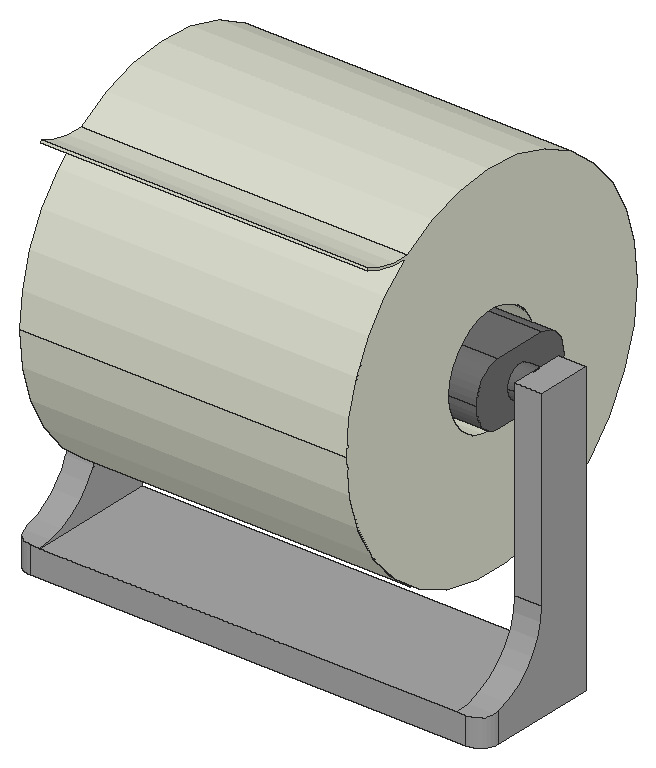
Revit family "Toilet_Tissue_Dispenser-Bradley_Corp-5071", category Specialty Equipment, host Face, Revit 2012
Parameters (values of type "5071-50")
  Width = 6 1/2"
  Warranty Information = "Complete Unit 1 Year Warranty. This Warranty does not cover installation or any other labor charges and does not apply to any units which have been damaged by abuse, improper installation, imporper maintanence, or altered in any way."
  Version = "2.0"
  URL = "http://www.bradleycorp.com/"
  Type Comments = "Non-Controlled Delivery"
  Spindle Material = Plastic - Bradley Corp - Polystyrene - Gray
  Specifications URL = "http://www.bradleycorp.com/3partspec"
  Product Tech Data URL - Spanish = ""
  Product Tech Data URL - French = ""
  Product Tech Data URL - English = "http://bradleycorp.com/download/294/8440.pdf"
  Percentage of Recycled Content = 0
  Paper Product Visibility [instance] = yes
  OmniClass Table 23 Title = "Toilet Paper Dispensers"
  OmniClass Table 23 Number = "23.31.25.21"
  OmniClass Table 21 Title = "Toilet, Bath, and Laundry Accessories"
  OmniClass Table 21 Number = "21-03 10 90 40"
  NCD Visibility [instance] = yes
  NCD Paper Visibility [instance] = and(Paper Product Visibility, NCD Visibility)  # yes
  Modeling Code = ""
  Model = "5071-50"
  MasterFormat Title = "Toilet, Bath, and Laundry Accessories"
  MasterFormat Number = "10 28 00"
  Manufacturer = "Bradley Corporation"
  Low Emitting Material = yes
  LEED Credit = ""
  Industry Standards = "n/a"
  Height = 1 3/4"
  Fire Rating = "n/a"
  Description = "Toilet Tissue Dispenser"
  Depth = 4"
  Default Elevation = 48"
  Copyright = "This Model Data is Property of Bradley Corporation"
  Unit Material = Metal - Bradley Corp - Aluminum
  Complies to NAFTA = ""
  CD Visibility [instance] = no
  CD Paper Visibility [instance] = and(Paper Product Visibility, CD Visibility)  # no
  Buy American Act = "No"
  Assembly Code = "C1030200"
  ADA Compliant = "No"
Types (3): name | Type Comments | NCD Visibility | NCD Paper Visibility | Model | Low Emitting Material | Complies to NAFTA | CD Visibility | CD Paper Visibility | Buy American Act
  (no name) | "Non-Controlled Delivery" | yes | yes | "5071-50" | yes | "" | no | no | "No"
  5071 | "Controlled Delivery" | no | no | "5071" | no | "n/a" | yes | yes | "To Be Determined"
  5071-50 | "Non-Controlled Delivery" | yes | yes | "5071-50" | yes | "" | no | no | "No"
Reference planes (in)
  plane 1 "Center (Front/Back)": y = 0
  plane 2: z = 0
  plane 3 "Center (Left/Right)": x = 0
  plane 4 "Top": y = 0.875
  plane 5 "Right": x = 3.25
  plane 6 "Bottom": y = -0.875
  plane 7 "Left": x = -3.25
  plane 8 "Front": z = 4
Forms (in)
  Extrusion 1, solid, material "Paper - Bradley Corp- White", visible <- "CD Paper Visibility", detail levels fine
    sketch origin (0, 0.5, 1.1875) x (0, 1, 0) y (0, 0, 1)
      loop
        circle (0, 2.8125) r 2.5
      loop
        circle (0, 2.8125) r 0.75
    from -2.25 to 2.25
  Extrusion 2, solid, material "Paper - Bradley Corp- White", visible <- "CD Paper Visibility", detail levels fine
    sketch origin (0, 0.5, 1.1875) x (0, 1, 0) y (0, 0, 1)
      loop
        arc (-0.875, 4.99488) -> (-1.5, 4.85487) -> (-2.125, 4.99488) r 1.46508
        line (-2.125, 4.99488) -> (-2.13833, 4.96661)
        arc (-2.13833, 4.96661) -> (-1.4944, 4.82364) -> (-0.85155, 4.97143) r 1.49633
        line (-0.85155, 4.97143) -> (-0.875, 4.99488)
    from -2.25 to 2.25
  Extrusion 3, solid, material "Paper - Bradley Corp- White", visible <- "CD Paper Visibility", detail levels medium
    sketch origin (0, 0.5, 1.1875) x (0, 1, 0) y (0, 0, 1)
      loop
        circle (0, 2.8125) r 2.5
    from -2.25 to 2.25
  Extrusion 4, solid, material "Metal - Bradley Corp - Aluminum" <- "Unit Material", detail levels fine
    sketch origin (0, 0, 0) x (1, 0, 0) y (0, 0, 1)
      loop
        line (-3.25, 4) -> (-3.25, 0) -> (3.25, 0) -> (3.25, 4) -> (2.875, 4) -> (2.875, 0.375) -> (-2.875, 0.375) -> (-2.875, 4) -> (-3.25, 4)
    from -0.875 to 0.875
  Extrusion 5, void
    sketch origin (0, 0, 0) x (0, 1, 0) y (0, 0, 1)
      loop
        line (0.125, 1.375) -> (0.125, 4.79775) -> (-1.375, 4.79775) -> (-1.375, 0.375) -> (-0.875, 0.375)
        arc (-0.875, 0.375) -> (-0.16789, 0.66789) -> (0.125, 1.375) r 1
    from -3.63513 to 3.73262
  Extrusion 6, void
    sketch origin (0, 0, 4) x (0, 1, 0) y (-1, 0, 0)
      loop
        arc (-0.875, 3) -> (-0.80178, 3.17678) -> (-0.625, 3.25) r 0.25
        line (-0.625, 3.25) -> (-0.625, 3.63959) -> (-1.26459, 3.63959) -> (-1.26459, 3) -> (-0.875, 3)
      loop
        line (-0.875, -3) -> (-1.26459, -3) -> (-1.26459, -3.63959) -> (-0.625, -3.63959) -> (-0.625, -3.25)
        arc (-0.625, -3.25) -> (-0.80178, -3.17678) -> (-0.875, -3) r 0.25
    from -5.12195 to -2.65055
  Extrusion 7, solid, material "Metal - Bradley Corp - Aluminum" <- "Unit Material", detail levels medium
    sketch origin (0, 0, 0) x (1, 0, 0) y (0, 0, 1)
      loop
        line (-3.25, 0) -> (3.25, 0) -> (3.25, 4) -> (2.875, 4) -> (2.875, 0.375) -> (-2.875, 0.375) -> (-2.875, 4) -> (-3.25, 4) -> (-3.25, 0)
    from -0.875 to 0.875
  Extrusion 8, void
    sketch origin (0, 0, 0) x (0, 1, 0) y (0, 0, 1)
      loop
        line (-0.875, 0.375) -> (0.125, 1.375) -> (0.125, 4.5) -> (-1.375, 4.5) -> (-1.375, 0.375) -> (-0.875, 0.375)
    from -3.63513 to 3.73262
  Extrusion 9, solid, material "Metal - Bradley Corp - Aluminum" <- "Unit Material", detail levels coarse
    sketch origin (0, 0, 0) x (1, 0, 0) y (0, 0, 1)
      loop
        line (-3.25, 4) -> (-3.25, 0) -> (3.25, 0) -> (3.25, 4) -> (2.875, 4) -> (2.875, 0.375) -> (-2.875, 0.375) -> (-2.875, 4) -> (-3.25, 4)
    from -0.875 to 0.875
  Extrusion 10, void
    sketch origin (0, 0, 0) x (0, 1, 0) y (0, 0, 1)
      loop
        line (-1.0499, -0.25903) -> (0.125, 4) -> (0.125, 4.88261) -> (-1.50521, 4.88261) -> (-1.50521, -0.25903) -> (-1.0499, -0.25903)
    from -4.15261 to 5.61798
  Extrusion 11, solid, material "Plastic - Bradley Corp - Polystyrene - Gray" <- "Spindle Material", visible <- "CD Visibility", detail levels fine
    sketch origin (0, 0, 0) x (0, 1, 0) y (0, 0, 1)
      loop
        line (0.125, 3.56924) -> (0.875, 3.56924)
        arc (0.875, 3.56924) -> (1.15176, 3.70691) -> (1.25, 4) r 0.40369
        arc (1.25, 4) -> (1.15176, 4.29309) -> (0.875, 4.43076) r 0.40369
        line (0.875, 4.43076) -> (0.125, 4.43076)
        arc (0.125, 4.43076) -> (-0.15176, 4.29309) -> (-0.25, 4) r 0.40369
        arc (-0.25, 4) -> (-0.15176, 3.70691) -> (0.125, 3.56924) r 0.40369
    from -2.6454 to 2.64062
  Extrusion 12, solid, material "Plastic - Bradley Corp - Polystyrene - Gray" <- "Spindle Material", detail levels fine
    sketch origin (0, 0, 0) x (0, 1, 0) y (0, 0, 1)
      loop
        circle (0.49725, 3.78125) r 0.21875
    from -2.875 to -2.6454
  Extrusion 13, solid, material "Plastic - Bradley Corp - Polystyrene - Gray" <- "Spindle Material", detail levels fine
    sketch origin (0, 0, 0) x (0, 1, 0) y (0, 0, -1)
      loop
        circle (0.49725, -3.78125) r 0.21875
    from -2.875 to -2.6454
  Extrusion 14, solid, material "Plastic - Bradley Corp - Polystyrene - Gray" <- "Spindle Material", visible <- "CD Visibility", detail levels coarse+medium
    sketch origin (0, 0, 0) x (0, 1, 0) y (0, 0, 1)
      loop
        line (0.125, 3.56924) -> (0.875, 3.56924)
        arc (0.875, 3.56924) -> (1.15176, 3.70691) -> (1.25, 4) r 0.40369
        arc (1.25, 4) -> (1.15176, 4.29309) -> (0.875, 4.43076) r 0.40369
        line (0.875, 4.43076) -> (0.125, 4.43076)
        arc (0.125, 4.43076) -> (-0.15176, 4.29309) -> (-0.25, 4) r 0.40369
        arc (-0.25, 4) -> (-0.15176, 3.70691) -> (0.125, 3.56924) r 0.40369
    from -2.875 to 2.875
  Extrusion 15, solid, material "Paper - Bradley Corp- White", visible <- "NCD Paper Visibility", detail levels fine
    sketch origin (0, 0.50152, 0.96875) x (0, 1, 0) y (0, 0, 1)
      loop
        arc (-0.875, 4.99488) -> (-1.5, 4.85487) -> (-2.125, 4.99488) r 1.46508
        line (-2.125, 4.99488) -> (-2.13833, 4.96661)
        arc (-2.13833, 4.96661) -> (-1.4944, 4.82364) -> (-0.85155, 4.97143) r 1.49633
        line (-0.85155, 4.97143) -> (-0.875, 4.99488)
    from -2.25 to 2.25
  Extrusion 16, solid, material "Paper - Bradley Corp- White", visible <- "NCD Paper Visibility", detail levels medium
    sketch origin (0, 0.50152, 0.96875) x (0, 1, 0) y (0, 0, 1)
      loop
        circle (0, 2.8125) r 2.5
    from -2.25 to 2.25
  Extrusion 17, solid, material "Plastic - Bradley Corp - Polystyrene - Gray" <- "Spindle Material", visible <- "NCD Visibility", detail levels fine
    sketch origin (0, 0.00152, -0.21875) x (0, 1, 0) y (0, 0, 1)
      loop
        line (0.125, 3.56924) -> (0.875, 3.56924)
        arc (0.875, 3.56924) -> (1.15176, 3.70691) -> (1.25, 4) r 0.40369
        arc (1.25, 4) -> (1.15176, 4.29309) -> (0.875, 4.43076) r 0.40369
        line (0.875, 4.43076) -> (0.125, 4.43076)
        arc (0.125, 4.43076) -> (-0.15176, 4.29309) -> (-0.25, 4) r 0.40369
        arc (-0.25, 4) -> (-0.15176, 3.70691) -> (0.125, 3.56924) r 0.40369
    from -2.6454 to 2.64062
  Extrusion 18, solid, material "Plastic - Bradley Corp - Polystyrene - Gray" <- "Spindle Material", visible <- "NCD Visibility", detail levels coarse+medium
    sketch origin (0, 0.00152, -0.21875) x (0, 1, 0) y (0, 0, 1)
      loop
        line (0.125, 3.56924) -> (0.875, 3.56924)
        arc (0.875, 3.56924) -> (1.15176, 3.70691) -> (1.25, 4) r 0.40369
        arc (1.25, 4) -> (1.15176, 4.29309) -> (0.875, 4.43076) r 0.40369
        line (0.875, 4.43076) -> (0.125, 4.43076)
        arc (0.125, 4.43076) -> (-0.15176, 4.29309) -> (-0.25, 4) r 0.40369
        arc (-0.25, 4) -> (-0.15176, 3.70691) -> (0.125, 3.56924) r 0.40369
    from -2.875 to 2.875
  Extrusion 19, solid, material "Paper - Bradley Corp- White", visible <- "NCD Paper Visibility", detail levels fine
    sketch origin (0, 0.50152, 0.96875) x (0, 1, 0) y (0, 0, 1)
      loop
        circle (0, 2.8125) r 2.5
      loop
        circle (0, 2.8125) r 0.75
    from -2.25 to 2.25
Cuts and joins
  joined: Extrusion 1, Extrusion 2
  Extrusion 5, Extrusion 6, Extrusion 8, Extrusion 10 cuts Extrusion 4
  Extrusion 8 cuts Extrusion 7
  Extrusion 10 cuts Extrusion 9
  joined: Extrusion 15, Extrusion 19
Lines and regions (in)
  Masking region 1
    outline origin (0, 0, 0) x (0, 1, 0) y (0, 0, 1)
      loop
        arc (-0.24848, 3.78125) -> (-0.15074, 3.48874) -> (0.125, 3.3506) r 0.40369
        line (0.125, 3.3506) -> (0.125, 1.375)
        arc (0.125, 1.375) -> (-0.16789, 0.66789) -> (-0.875, 0.375) r 1
        line (-0.875, 0.375) -> (-0.875, 0) -> (0.875, 0) -> (0.875, 3.35039)
        arc (0.875, 3.35039) -> (1.15278, 3.48759) -> (1.25152, 3.78125) r 0.40369
        arc (1.25152, 3.78125) -> (1.25146, 3.83807) -> (1.24343, 3.89431) r 0.40369
        arc (1.24343, 3.89431) -> (1.2502, 3.94694) -> (1.25, 4) r 0.40369
        arc (1.25, 4) -> (1.15176, 4.29309) -> (0.875, 4.43076) r 0.40369
        line (0.875, 4.43076) -> (0.125, 4.43076)
        arc (0.125, 4.43076) -> (-0.15176, 4.29309) -> (-0.25, 4) r 0.40369
        arc (-0.25, 4) -> (-0.24995, 3.94318) -> (-0.24192, 3.88694) r 0.40369
        arc (-0.24192, 3.88694) -> (-0.24868, 3.83431) -> (-0.24848, 3.78125) r 0.40369
  Masking region 2, visible <- "Paper Product Visibility", detail levels fine
    outline origin (0, 0, 0) x (0, 1, 0) y (0, 0, 1)
      loop
        line (0.875, 1.52829) -> (0.875, 3.35039)
        arc (0.875, 3.35039) -> (1.15278, 3.48759) -> (1.25152, 3.78125) r 0.40369
        arc (1.25152, 3.78125) -> (1.25146, 3.83807) -> (1.24343, 3.89431) r 0.40369
        arc (1.24343, 3.89431) -> (1.2502, 3.94694) -> (1.25, 4) r 0.40369
        arc (1.25, 4) -> (1.15176, 4.29309) -> (0.875, 4.43076) r 0.40369
        line (0.875, 4.43076) -> (0.125, 4.43076)
        arc (0.125, 4.43076) -> (-0.15176, 4.29309) -> (-0.25, 4) r 0.40369
        arc (-0.25, 4) -> (-0.24995, 3.94318) -> (-0.24192, 3.88694) r 0.40369
        arc (-0.24192, 3.88694) -> (-0.24868, 3.83431) -> (-0.24848, 3.78125) r 0.40369
        arc (-0.24848, 3.78125) -> (-0.15074, 3.48874) -> (0.125, 3.3506) r 0.40369
        line (0.125, 3.3506) -> (0.125, 1.52829)
        arc (0.125, 1.52829) -> (0.5, 6.5) -> (0.875, 1.52829) r 2.5
  Masking region 3
    outline origin (0, 0, 0) x (1, 0, 0) y (0, 0, 1)
      loop
        line (3.25, 0) -> (3.25, 4) -> (2.875, 4) -> (2.875, 0.375) -> (-2.875, 0.375) -> (-2.875, 4) -> (-3.25, 4) -> (-3.25, 0) -> (3.25, 0)
  Masking region 4
    outline origin (0, 0, 4) x (0, 1, 0) y (-1, 0, 0)
      loop
        line (0.875, 3.25) -> (-0.625, 3.25)
        arc (-0.625, 3.25) -> (-0.80178, 3.17678) -> (-0.875, 3) r 0.25
        line (-0.875, 3) -> (-0.875, -3)
        arc (-0.875, -3) -> (-0.80178, -3.17678) -> (-0.625, -3.25) r 0.25
        line (-0.625, -3.25) -> (0.875, -3.25) -> (0.875, -2.875) -> (1.25, -2.875) -> (1.25, 2.875) -> (0.875, 2.875) -> (0.875, 3.25)
  symbolic lines, detail levels medium+fine
    curve 1: line (0, 0.87652, 4) -> (0, 0.125, 4)
    curve 2: line (0, 0.125, 3.3506) -> (0, 0.125, 4)
    curve 3: line (0, 0.87652, 3.35049) -> (0, 0.87652, 4)
    curve 4: line (2.875, 0, 4.43076) -> (-2.875, 0, 4.43076)
    curve 5: line (2.875, 0, 3.35049) -> (2.875, 0, 4.43076)
    curve 6: line (-2.875, 0, 3.35049) -> (2.875, 0, 3.35049)
    curve 7: line (-2.875, 0, 4.43076) -> (-2.875, 0, 3.35049)
    curve 8: line (-2.875, -0.875, 4) -> (-2.875, 0.875, 4)
    curve 9: line (2.875, 0.875, 4) -> (2.875, -0.875, 4)
Dimensions and locks (in)
  "Height": plane 6 "Bottom" to plane 4 "Top"
  equal spacing: plane 6 "Bottom", plane 1 "Center (Front/Back)", plane 4 "Top"
  "Width": plane 7 "Left" to plane 5 "Right"
  equal spacing: plane 7 "Left", plane 3 "Center (Left/Right)", plane 5 "Right"
  "Depth": plane 8 "Front" to plane 2
  plane 8 "Front" to Extrusion 1 sketch curve = 0"
  aligned and locked: plane 2 to host face
  aligned and locked: level to host face
  aligned and locked: Masking region 1 sketch curve to Extrusion 18  (x3)
  aligned and locked: Masking region 1 sketch curve to Extrusion 14  (x4)
  aligned and locked: Masking region 1 sketch curve to cut or joined group of Extrusion 4, Extrusion 5, Extrusion 6, Extrusion 8, Extrusion 10  (x2)
  aligned and locked: Masking region 2 sketch curve to Extrusion 3
  aligned and locked: Masking region 2 sketch curve to Extrusion 18  (x3)
  aligned and locked: Masking region 2 sketch curve to Extrusion 14  (x4)
  aligned and locked: Masking region 3 sketch curve to cut or joined group of Extrusion 9, Extrusion 10  (x7)
  aligned and locked: host face to Masking region 3 sketch curve
  aligned and locked: Masking region 4 sketch curve to cut or joined group of Extrusion 4, Extrusion 5, Extrusion 6, Extrusion 8, Extrusion 10  (x3)
  aligned and locked: Masking region 4 sketch curve to cut or joined group of Extrusion 7, Extrusion 8
  aligned and locked: Extrusion 14 to Masking region 4 sketch curve  (x2)
  aligned and locked: Masking region 4 sketch curve to Extrusion 14
Automatic sketch dimensions
  host sketch curve to host sketch curve = 14.80912"
  host sketch curve to host sketch curve = 14.31272"
  Extrusion 1 sketch curve to Extrusion 1 sketch curve = 0"  (x2)
  Extrusion 1 sketch curve to plane 4 "Top" = 3/8"
  Extrusion 2 sketch curve to Extrusion 2 sketch curve = 0"  (x2)
  plane 6 "Bottom" to Extrusion 2 sketch curve = 0.76333"
  Extrusion 2 sketch curve to Extrusion 2 sketch curve = 0.01333"
  plane 6 "Bottom" to Extrusion 2 sketch curve = 1/8"
  plane 1 "Center (Front/Back)" to Extrusion 2 sketch curve = 3/8"
  Extrusion 2 sketch curve to Extrusion 2 sketch curve = 3/128"
  plane 8 "Front" to Extrusion 2 sketch curve = 2.15411"
  Extrusion 2 sketch curve to Extrusion 2 sketch curve = 0.00482"
  Extrusion 2 sketch curve to Extrusion 2 sketch curve = 0.02826"
  Extrusion 3 sketch curve to plane 8 "Front" = 0"
  Extrusion 3 sketch curve to plane 4 "Top" = 3/8"
  Extrusion 4 sketch curve to level = 0"
  Extrusion 4 sketch curve to plane 7 "Left" = 0"
  Extrusion 4 sketch curve to plane 8 "Front" = 0"  (x2)
  Extrusion 4 sketch curve to plane 5 "Right" = 0"
  Extrusion 4 sketch curve to plane 7 "Left" = 3/8"
  Extrusion 4 sketch curve to Extrusion 4 sketch curve = 3/8"
  level to Extrusion 4 sketch curve = 3/8"
  Extrusion 5 sketch curve to plane 6 "Bottom" = 0"
  plane 6 "Bottom" to Extrusion 5 sketch curve = 1/2"
  Extrusion 5 sketch curve to plane 1 "Center (Front/Back)" = 1/8"
  level to Extrusion 5 sketch curve = 3/8"
  plane 8 "Front" to Extrusion 5 sketch curve = 0.79775"
  Extrusion 6 sketch curve to plane 6 "Bottom" = 0"  (x2)
  Extrusion 6 sketch curve to plane 7 "Left" = 0"
  Extrusion 6 sketch curve to plane 5 "Right" = 0"
  plane 6 "Bottom" to Extrusion 6 sketch curve = 0.38959"  (x2)
  Extrusion 6 sketch curve to plane 6 "Bottom" = 1/4"  (x2)
  Extrusion 6 sketch curve to Extrusion 6 sketch curve = 0.38959"  (x2)
  Extrusion 7 sketch curve to level = 0"
  Extrusion 7 sketch curve to plane 7 "Left" = 0"
  Extrusion 7 sketch curve to plane 8 "Front" = 0"  (x2)
  Extrusion 7 sketch curve to plane 5 "Right" = 0"
  Extrusion 7 sketch curve to plane 7 "Left" = 3/8"
  Extrusion 7 sketch curve to plane 5 "Right" = 3/8"
  level to Extrusion 7 sketch curve = 3/8"
  Extrusion 8 sketch curve to plane 6 "Bottom" = 0"
  plane 6 "Bottom" to Extrusion 8 sketch curve = 1/2"
  Extrusion 8 sketch curve to plane 1 "Center (Front/Back)" = 1/8"
  level to Extrusion 8 sketch curve = 3/8"
  level to Extrusion 8 sketch curve = 1 3/8"
  plane 8 "Front" to Extrusion 8 sketch curve = 1/2"
  Extrusion 9 sketch curve to plane 7 "Left" = 0"
  Extrusion 9 sketch curve to plane 8 "Front" = 0"  (x2)
  Extrusion 9 sketch curve to level = 0"
  Extrusion 9 sketch curve to plane 5 "Right" = 0"
  Extrusion 9 sketch curve to plane 7 "Left" = 3/8"
  Extrusion 9 sketch curve to Extrusion 9 sketch curve = 3/8"
  level to Extrusion 9 sketch curve = 3/8"
  Extrusion 10 sketch curve to plane 8 "Front" = 0"
  Extrusion 10 sketch curve to level = 0.25903"
  plane 6 "Bottom" to Extrusion 10 sketch curve = 0.63021"
  plane 6 "Bottom" to Extrusion 10 sketch curve = 0.1749"
  Extrusion 10 sketch curve to plane 1 "Center (Front/Back)" = 1/8"
  plane 8 "Front" to Extrusion 10 sketch curve = 0.88261"
  Extrusion 11 sketch curve to plane 8 "Front" = 0"  (x2)
  Extrusion 11 sketch curve to plane 4 "Top" = 0"  (x2)
  Extrusion 11 sketch curve to plane 4 "Top" = 0.02771"  (x2)
  plane 8 "Front" to Extrusion 11 sketch curve = 0.02802"
  Extrusion 11 sketch curve to plane 1 "Center (Front/Back)" = 0.15271"
  Extrusion 11 sketch curve to Extrusion 11 sketch curve = 0"
  Extrusion 11 sketch curve to plane 1 "Center (Front/Back)" = 1/8"  (x2)
  plane 1 "Center (Front/Back)" to Extrusion 11 sketch curve = 1/4"
  plane 4 "Top" to Extrusion 11 sketch curve = 3/8"
  Extrusion 11 sketch curve to plane 8 "Front" = 0.02802"
  Extrusion 12 sketch curve to plane 4 "Top" = 0.37775"
  Extrusion 12 sketch curve to plane 8 "Front" = 7/32"
  Extrusion 13 sketch curve to plane 4 "Top" = 0.37775"
  Extrusion 13 sketch curve to plane 8 "Front" = 7/32"
  Extrusion 14 sketch curve to plane 8 "Front" = 0"  (x2)
  Extrusion 14 sketch curve to plane 4 "Top" = 0"  (x2)
  Extrusion 14 sketch curve to plane 4 "Top" = 0.02771"  (x2)
  plane 8 "Front" to Extrusion 14 sketch curve = 0.02802"
  Extrusion 14 sketch curve to plane 1 "Center (Front/Back)" = 0.15271"
  Extrusion 14 sketch curve to Extrusion 14 sketch curve = 0"
  Extrusion 14 sketch curve to plane 1 "Center (Front/Back)" = 1/8"  (x2)
  plane 1 "Center (Front/Back)" to Extrusion 14 sketch curve = 1/4"
  plane 4 "Top" to Extrusion 14 sketch curve = 3/8"
  Extrusion 14 sketch curve to plane 8 "Front" = 0.02802"
  Extrusion 15 sketch curve to Extrusion 15 sketch curve = 0"  (x2)
  plane 6 "Bottom" to Extrusion 15 sketch curve = 0.76181"
  Extrusion 15 sketch curve to Extrusion 15 sketch curve = 0.01333"
  Extrusion 15 sketch curve to Extrusion 15 sketch curve = 5/8"
  Extrusion 15 sketch curve to Extrusion 15 sketch curve = 1 1/4"
  Extrusion 15 sketch curve to Extrusion 15 sketch curve = 3/128"
  plane 8 "Front" to Extrusion 15 sketch curve = 1.93536"
  Extrusion 15 sketch curve to Extrusion 15 sketch curve = 0.00482"
  Extrusion 15 sketch curve to Extrusion 15 sketch curve = 0.02826"
  Extrusion 16 sketch curve to plane 6 "Bottom" = 1.37652"
  Extrusion 16 sketch curve to plane 8 "Front" = 7/32"
  Extrusion 17 sketch curve to plane 6 "Bottom" = 0.62652"
  Extrusion 17 sketch curve to Extrusion 17 sketch curve = 3/8"  (x2)
  Extrusion 17 sketch curve to Extrusion 17 sketch curve = 0.40271"  (x2)
  Extrusion 17 sketch curve to Extrusion 17 sketch curve = 0"  (x2)
  Extrusion 17 sketch curve to Extrusion 17 sketch curve = 0.69457"
  Extrusion 17 sketch curve to Extrusion 17 sketch curve = 0.02771"  (x2)
  Extrusion 17 sketch curve to plane 8 "Front" = 0.64951"
  Extrusion 17 sketch curve to Extrusion 17 sketch curve = 0.40274"  (x2)
  Extrusion 17 sketch curve to Extrusion 17 sketch curve = 0.05605"
  Extrusion 18 sketch curve to plane 6 "Bottom" = 0.62652"
  Extrusion 18 sketch curve to Extrusion 18 sketch curve = 3/8"  (x2)
  Extrusion 18 sketch curve to Extrusion 18 sketch curve = 0.40271"  (x2)
  Extrusion 18 sketch curve to Extrusion 18 sketch curve = 0"  (x2)
  Extrusion 18 sketch curve to Extrusion 18 sketch curve = 0.69457"
  Extrusion 18 sketch curve to Extrusion 18 sketch curve = 0.02771"  (x2)
  Extrusion 18 sketch curve to plane 8 "Front" = 0.64951"
  Extrusion 18 sketch curve to Extrusion 18 sketch curve = 0.40274"  (x2)
  Extrusion 18 sketch curve to Extrusion 18 sketch curve = 0.05605"
  Extrusion 19 sketch curve to Extrusion 19 sketch curve = 0"  (x2)
  Extrusion 19 sketch curve to plane 6 "Bottom" = 1.37652"
  Extrusion 19 sketch curve to plane 8 "Front" = 7/32"
  Masking region 1 sketch curve to level = 0"
  Masking region 1 sketch curve to plane 8 "Front" = 7/32"
  Masking region 1 sketch curve to Masking region 1 sketch curve = 0.00657"
  Masking region 1 sketch curve to Masking region 1 sketch curve = 0"
  Masking region 1 sketch curve to plane 8 "Front" = 0"
  Masking region 1 sketch curve to plane 4 "Top" = 0.02771"
  Masking region 1 sketch curve to plane 8 "Front" = 0.10569"
  curve 1 to plane 8 "Front" = 0"
  plane 4 "Top" to curve 1 = 0.00152"
  curve 2 to plane 1 "Center (Front/Back)" = 1/8"
  curve 2 to plane 8 "Front" = 0.6494"
  curve 3 to plane 8 "Front" = 0.64951"
  Masking region 2 sketch curve to plane 8 "Front" = 7/32"
  Masking region 2 sketch curve to Masking region 2 sketch curve = 0"
  Masking region 2 sketch curve to Masking region 2 sketch curve = 0.00657"
  Masking region 2 sketch curve to plane 8 "Front" = 0"
  Masking region 2 sketch curve to plane 4 "Top" = 0.02771"
  Masking region 2 sketch curve to plane 8 "Front" = 0.10569"
  Masking region 2 sketch curve to plane 1 "Center (Front/Back)" = 1/8"
  Masking region 2 sketch curve to plane 4 "Top" = 0"
  curve 4 to plane 7 "Left" = 3/8"
  curve 6 to plane 5 "Right" = 3/8"
  curve 6 to plane 8 "Front" = 0.64951"
  plane 8 "Front" to curve 5 = 0.43076"
  Masking region 4 sketch curve to plane 4 "Top" = 0"
  radius of Extrusion 1 sketch curve = 2 1/2"
  radius of Extrusion 1 sketch curve = 3/4"
  radius of Extrusion 3 sketch curve = 2 1/2"
  radius of Extrusion 12 sketch curve = 7/32"
  radius of Extrusion 13 sketch curve = 7/32"
  radius of Extrusion 16 sketch curve = 2 1/2"
  radius of Extrusion 19 sketch curve = 2 1/2"
  radius of Extrusion 19 sketch curve = 3/4"
